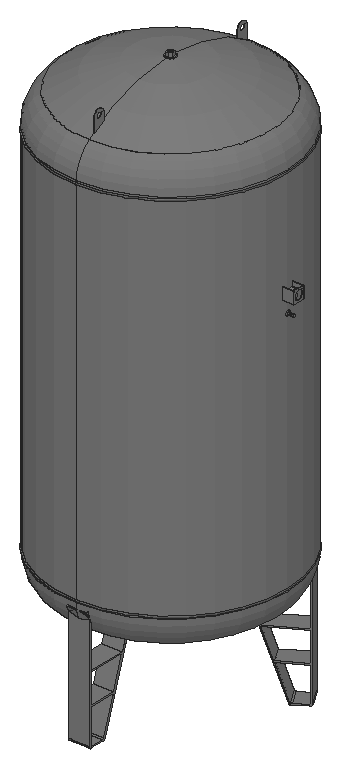
Revit family "MIT-5000-ET (Vertical)", category Specialty Equipment, Revit 2022
Family settings
  Round Connector Dimension = Use Diameter
  Part Type = Normal
  Work Plane-Based = No
  Always vertical = Yes
  Cut with Voids When Loaded = No
  Maintain Annotation Orientation = No
  Shared = No
  Room Calculation Point = No
Parameters
  URL = "https://en.ekinendustriyel.com/expansion-tanks"
  Test Pressure = 15.0 bar
  Production Standard = "TS EN 13831"
  Precharge Pressure = 4.0 bar
  Operating Pressure = 10.0 bar
  Model = "MIT-5000-ET_(Vertical)"
  Manufacturer = "Ekin Endüstriyel"
  Keynote = "Expension Tank"
  Description = "MIT-Expension Tank"
  Default Elevation = 0 mm
Reference planes
  plane 1 "Center (Front/Back)": y = 0
  plane 2: z = 0
  plane 3 "Center (Left/Right)": x = 0
Forms (mm)
  Revolve 1, solid, material "Ekin Endustriyel-S235JR", detail levels medium+fine
    sketch origin (0, -5374.015, 98.319) x (0, 1, 0) y (0, 0, 1)
      loop
        line (5374.015, 319.254) -> (5466.97, 319.254)
        arc (5466.97, 319.254) -> (5494.028, 327.937) -> (5516.946, 344.74) r 88.604
        arc (5516.946, 344.74) -> (5778.496, 409.027) -> (6018.966, 530.336) r 1193.216
        arc (6018.966, 530.336) -> (6096.091, 614.319) -> (6124.038, 724.865) r 232.61
        line (6124.038, 724.865) -> (6124.038, 733.527)
        arc (6124.038, 733.527) -> (6127.652, 739.16) -> (6124.038, 744.792) r 6.196
        line (6124.038, 744.792) -> (6124.038, 3125.579)
        arc (6124.038, 3125.579) -> (6127.692, 3131.214) -> (6124.015, 3136.834) r 6.153
        line (6124.015, 3136.834) -> (6124.015, 3146.085)
        arc (6124.015, 3146.085) -> (6096.919, 3254.39) -> (6022.016, 3337.177) r 230
        arc (6022.016, 3337.177) -> (5729.719, 3478.891) -> (5409.781, 3535.102) r 1174.284
        line (5409.781, 3535.102) -> (5374.015, 3535.102) -> (5374.015, 3530.102) -> (5409.693, 3530.102)
        arc (5409.693, 3530.102) -> (5728.223, 3474.12) -> (6019.233, 3333.022) r 1169.284
        arc (6019.233, 3333.022) -> (6092.508, 3252.036) -> (6119.015, 3146.085) r 225
        line (6119.015, 3146.085) -> (6119.038, 724.865)
        arc (6119.038, 724.865) -> (6091.692, 616.695) -> (6016.224, 534.517) r 227.61
        arc (6016.224, 534.517) -> (5775.939, 413.412) -> (5514.567, 349.477) r 1188.216
        arc (5514.567, 349.477) -> (5492.679, 332.869) -> (5466.59, 324.254) r 83.604
        line (5466.59, 324.254) -> (5374.015, 324.254) -> (5374.015, 319.254)
      axis (5374.015, 319.254) -> (5374.015, 3535.102)
    angle from 0 to 360
  Extrusion 2, solid, material "Ekin Endustriyel-S235JR", detail levels coarse
    sketch origin (11621.66, -11048.976, 122.286) x (0, 1, 0) y (-1, 0, 0)
      loop
        circle (11048.976, 11621.66) r 755
    from 327.12 to 3511.136
  Extrusion 3, solid, material "Ekin Endustriyel-S235JR", detail levels fine
    sketch origin (2829.671, -4386.055, 414.431) x (0, 1, 0) y (0, 0, 1)
      loop
        line (4994.047, 3046.351) -> (4994.047, 3132.073)
        arc (4994.047, 3132.073) -> (4959.047, 3167.073) -> (4924.047, 3132.073) r 35
        line (4924.047, 3132.073) -> (4924.047, 3085.878)
        arc (4924.047, 3085.878) -> (4959.461, 3066.847) -> (4994.047, 3046.351) r 959.948
      loop
        circle (4959.047, 3132.081) r 20
      loop
        arc (3778.063, 3046.351) -> (3812.649, 3066.847) -> (3848.063, 3085.878) r 959.948
        line (3848.063, 3085.878) -> (3848.063, 3132.073)
        arc (3848.063, 3132.073) -> (3813.063, 3167.073) -> (3778.063, 3132.073) r 35
        line (3778.063, 3132.073) -> (3778.063, 3046.351)
      loop
        circle (3813.063, 3132.081) r 20
    from -2832.171 to -2827.171
  Extrusion 4, solid, material "Ekin Endustriyel-S235JR", detail levels medium+fine
    sketch origin (2.097, -50.747, 0) x (-0.866025, 0.5, 0) y (0, 0, 1)
      loop
        line (757.19, 750) -> (774.095, 786.252) -> (766.844, 789.633) -> (749.19, 751.774) -> (749.19, 444) -> (492.769, 444) -> (458.073, 544.767)
        arc (458.073, 544.767) -> (455.03, 548.207) -> (450.446, 548.487) r 6
        line (450.446, 548.487) -> (420.189, 538.069) -> (422.794, 530.505) -> (445.486, 538.318)
        arc (445.486, 538.318) -> (450.07, 538.038) -> (453.113, 534.598) r 6
        line (453.113, 534.598) -> (633.707, 10.116)
        arc (633.707, 10.116) -> (639.179, 2.788) -> (647.889, 0) r 15
        line (647.889, 0) -> (742.19, 0)
        arc (742.19, 0) -> (752.797, 4.393) -> (757.19, 15) r 15
        line (757.19, 15) -> (757.19, 750)
      loop
        arc (742.19, 6) -> (748.554, 8.636) -> (751.19, 15) r 9
        line (751.19, 15) -> (751.19, 238) -> (561.586, 238) -> (639.38, 12.07)
        arc (639.38, 12.07) -> (642.663, 7.673) -> (647.889, 6) r 9
        line (647.889, 6) -> (742.19, 6)
      loop
        line (492.72, 438) -> (559.52, 244) -> (751.19, 244) -> (751.19, 438) -> (492.72, 438)
    from -22.1 to 107.9
  Extrusion 5, solid, material "Ekin Endustriyel-S235JR", detail levels medium+fine
    sketch origin (2.097, -50.747, 0) x (0, -1, 0) y (0, 0, 1)
      loop
        line (696.158, 786.252) -> (688.907, 789.633) -> (671.253, 751.774) -> (671.253, 444) -> (414.832, 444) -> (380.136, 544.767)
        arc (380.136, 544.767) -> (377.093, 548.207) -> (372.509, 548.487) r 6
        line (372.509, 548.487) -> (342.252, 538.069) -> (344.857, 530.505) -> (367.549, 538.318)
        arc (367.549, 538.318) -> (372.133, 538.038) -> (375.176, 534.598) r 6
        line (375.176, 534.598) -> (555.77, 10.116)
        arc (555.77, 10.116) -> (561.242, 2.788) -> (569.952, 0) r 15
        line (569.952, 0) -> (664.253, 0)
        arc (664.253, 0) -> (674.86, 4.393) -> (679.253, 15) r 15
        line (679.253, 15) -> (679.253, 750) -> (696.158, 786.252)
      loop
        arc (662.253, 6) -> (668.617, 8.636) -> (671.253, 15) r 9
        line (671.253, 15) -> (671.253, 238) -> (485.764, 238) -> (563.558, 12.07)
        arc (563.558, 12.07) -> (566.841, 7.673) -> (572.068, 6) r 9
        line (572.068, 6) -> (662.253, 6)
      loop
        line (416.898, 438) -> (483.698, 244) -> (671.253, 244) -> (671.253, 438) -> (416.898, 438)
    from -62.903 to 67.097
  Extrusion 6, solid, material "Ekin Endustriyel-S235JR", detail levels medium+fine
    sketch origin (2.097, -50.747, 0) x (0.866025, 0.5, 0) y (0, 0, 1)
      loop
        line (770.462, 786.252) -> (763.211, 789.633) -> (745.557, 751.774) -> (745.557, 444) -> (489.137, 444) -> (454.44, 544.767)
        arc (454.44, 544.767) -> (451.397, 548.207) -> (446.813, 548.487) r 6
        line (446.813, 548.487) -> (416.557, 538.069) -> (419.161, 530.505) -> (441.854, 538.318)
        arc (441.854, 538.318) -> (446.437, 538.038) -> (449.48, 534.598) r 6
        line (449.48, 534.598) -> (630.074, 10.116)
        arc (630.074, 10.116) -> (635.546, 2.788) -> (644.256, 0) r 15
        line (644.256, 0) -> (738.557, 0)
        arc (738.557, 0) -> (749.164, 4.393) -> (753.557, 15) r 15
        line (753.557, 15) -> (753.557, 750) -> (770.462, 786.252)
      loop
        arc (736.557, 6) -> (742.921, 8.636) -> (745.557, 15) r 9
        line (745.557, 15) -> (745.557, 238) -> (560.068, 238) -> (637.862, 12.07)
        arc (637.862, 12.07) -> (641.145, 7.673) -> (646.372, 6) r 9
        line (646.372, 6) -> (736.557, 6)
      loop
        line (558.002, 244) -> (745.557, 244) -> (745.557, 438) -> (491.203, 438) -> (558.002, 244)
    from -109.997 to 20.003
  Extrusion 7, solid, material "Ekin Endustriyel-S235JR", detail levels coarse
    sketch origin (2.097, -50.747, 0) x (-0.866025, 0.5, 0) y (0, 0, 1)
      loop
        line (757.19, 449.406) -> (482.447, 449.406) -> (633.707, 10.116)
        arc (633.707, 10.116) -> (639.179, 2.788) -> (647.889, 0) r 15
        line (647.889, 0) -> (742.19, 0)
        arc (742.19, 0) -> (752.797, 4.393) -> (757.19, 15) r 15
        line (757.19, 15) -> (757.19, 449.406)
    from -22.1 to 107.9
  Extrusion 8, solid, material "Ekin Endustriyel-S235JR", detail levels coarse
    sketch origin (2.097, -50.747, 0) x (0, -1, 0) y (0, 0, 1)
      loop
        line (679.253, 449.406) -> (404.51, 449.406) -> (555.77, 10.116)
        arc (555.77, 10.116) -> (561.242, 2.788) -> (569.952, 0) r 15
        line (569.952, 0) -> (664.253, 0)
        arc (664.253, 0) -> (674.86, 4.393) -> (679.253, 15) r 15
        line (679.253, 15) -> (679.253, 449.406)
    from -62.903 to 67.097
  Extrusion 9, solid, material "Ekin Endustriyel-S235JR", detail levels coarse
    sketch origin (2.097, -50.747, 0) x (0.866025, 0.5, 0) y (0, 0, 1)
      loop
        line (753.557, 449.406) -> (478.814, 449.406) -> (630.074, 10.116)
        arc (630.074, 10.116) -> (635.546, 2.788) -> (644.256, 0) r 15
        line (644.256, 0) -> (738.557, 0)
        arc (738.557, 0) -> (749.164, 4.393) -> (753.557, 15) r 15
        line (753.557, 15) -> (753.557, 449.406)
    from -109.997 to 20.003
  Extrusion 10, solid, material "Ekin Endustriyel-S235JR", detail levels coarse
    sketch origin (522.14, -0.358, 1745) x (1, 0, 0) y (0, 1, 0)
      loop
        line (226.508, -39.142) -> (298.922, -39.142) -> (298.922, 39.858) -> (226.683, 39.858)
        arc (226.683, 39.858) -> (229.034, 19.99) -> (229.819, 0) r 254.819
        arc (229.819, 0) -> (228.99, -19.641) -> (226.508, -39.142) r 233
    from 767.5 to 842.5
  Extrusion 11, solid, material "Ekin Endustriyel-S235JR", detail levels medium+fine
    sketch origin (522.14, -0.358, 1745) x (1, 0, 0) y (0, 1, 0)
      loop
        line (296.322, 39.858) -> (226.683, 39.858)
        arc (226.683, 39.858) -> (226.839, 38.858) -> (226.992, 37.858) r 254.819
        line (226.992, 37.858) -> (296.322, 37.858)
        arc (296.322, 37.858) -> (296.747, 37.682) -> (296.922, 37.258) r 0.6
        line (296.922, 37.258) -> (296.922, -36.542)
        arc (296.922, -36.542) -> (296.747, -36.967) -> (296.322, -37.142) r 0.6
        line (296.322, -37.142) -> (227.098, -37.142)
        arc (227.098, -37.142) -> (226.949, -38.143) -> (226.795, -39.142) r 254.819
        line (226.795, -39.142) -> (296.322, -39.142)
        arc (296.322, -39.142) -> (298.161, -38.381) -> (298.922, -36.542) r 2.6
        line (298.922, -36.542) -> (298.922, 37.258)
        arc (298.922, 37.258) -> (298.161, 39.096) -> (296.322, 39.858) r 2.6
    from 767.5 to 842.5
  Extrusion 12, void
    sketch origin (821.062, -36.9, 1745) x (0, 1, 0) y (0, 0, 1)
      loop
        circle (36.9, 805) r 32.5
    from -2 to 0
  Revolve 13, solid, material "Ekin Endustriyel-S235JR", detail levels fine
    sketch origin (522.14, -0.358, 1745) x (1, 0, 0) y (0, 0, 1)
      loop
        line (230, 811.5) -> (230, 805) -> (288.499, 805) -> (288.499, 837.415) -> (283.499, 837.415) -> (283.499, 835.016) -> (279.483, 835.016)
        arc (279.483, 835.016) -> (278.774, 834.723) -> (278.48, 834.013) r 1.003
        line (278.48, 834.013) -> (253.48, 834.013) -> (253.48, 815.002) -> (252.5, 815.002)
        arc (252.5, 815.002) -> (252.139, 814.657) -> (252, 814.178) r 0.964
        line (252, 814.178) -> (252, 812.305) -> (245, 812.305) -> (245, 811.5) -> (230, 811.5)
      axis (230, 805) -> (288.499, 805)
    angle from 0 to 360
  Revolve 14, solid, material "Ekin Endustriyel-S235JR", detail levels fine
    sketch origin (520.234, -0.358, 1617.504) x (1, 0, 0) y (0, 0, 1)
      loop
        line (229.96, 805) -> (275.561, 805)
        arc (275.561, 805) -> (274.758, 808.458) -> (272.513, 811.208) r 7.847
        line (272.513, 811.208) -> (261.504, 811.208) -> (261.504, 812.005) -> (260.479, 812.005) -> (260.479, 810.108) -> (259.639, 809.269) -> (258.962, 809.946) -> (258.285, 809.269) -> (257.608, 809.946) -> (256.931, 809.269) -> (256.254, 809.946) -> (255.577, 809.269) -> (254.899, 809.946) -> (254.222, 809.269) -> (253.545, 809.946) -> (252.868, 809.269) -> (252.191, 809.946) -> (251.514, 809.269) -> (250.837, 809.946) -> (250.16, 809.269) -> (249.483, 809.946) -> (248.806, 809.269) -> (248.128, 809.946) -> (247.451, 809.269) -> (246.774, 809.946) -> (246.097, 809.269) -> (245.42, 809.946) -> (244.743, 809.269) -> (244.066, 809.946) -> (243.389, 809.269) -> (242.712, 809.946) -> (242.035, 809.269) -> (241.357, 809.946) -> (240.68, 809.269) -> (240.003, 809.946) -> (239.326, 809.269) -> (238.649, 809.946) -> (237.972, 809.269) -> (237.295, 809.946) -> (236.618, 809.269) -> (235.941, 809.946) -> (235.264, 809.269) -> (234.586, 809.946) -> (233.909, 809.269) -> (233.232, 809.946) -> (232.555, 809.269) -> (232.001, 809.823) -> (232.001, 814.435) -> (232.001, 819.99) -> (229.96, 819.99) -> (229.96, 805)
      axis (229.96, 805) -> (275.561, 805)
    angle from 0 to 360
  Extrusion 15, solid, material "Ekin Endustriyel-S235JR", detail levels fine
    sketch origin (520.234, -0.358, 1699.3) x (0, 1, 0) y (0, 0, 1)
      loop
        line (0.348, 732.628) -> (-7.805, 727.921) -> (-7.805, 718.507) -> (0.348, 713.8) -> (8.5, 718.507) -> (8.5, 727.921) -> (0.348, 732.628)
    from 232.001 to 240.003
  Extrusion 16, solid, material "Ekin Endustriyel-S235JR", detail levels coarse
    sketch origin (-663.114, -426.277, 445.521) x (1, 0, 0) y (0, 1, 0)
      loop
        circle (663.114, 426.277) r 190
    from -23.5 to -13.542
  Revolve 17, solid, material "Ekin Endustriyel-S235JR", detail levels fine
    sketch origin (1884.269, 0.217, 381.043) x (1, 0, 0) y (0, 0, 1)
      loop
        line (-1925.269, -28.022) -> (-1923.269, -30.022) -> (-1920.624, -30.022) -> (-1921.182, -29.464) -> (-1919.272, -27.744) -> (-1921.157, -25.986) -> (-1919.272, -24.228) -> (-1921.182, -22.508) -> (-1919.272, -20.788) -> (-1921.157, -19.029) -> (-1919.272, -17.271) -> (-1921.182, -15.551) -> (-1919.272, -13.831) -> (-1921.157, -12.073) -> (-1919.272, -10.315) -> (-1921.182, -8.595) -> (-1919.272, -6.875) -> (-1921.157, -5.117) -> (-1919.272, -3.358) -> (-1921.182, -1.638) -> (-1919.272, 0.082) -> (-1921.157, 1.84) -> (-1919.272, 3.598) -> (-1921.182, 5.318) -> (-1919.272, 7.038) -> (-1921.157, 8.796) -> (-1919.272, 10.554) -> (-1921.182, 12.274) -> (-1919.272, 13.994) -> (-1921.157, 15.753) -> (-1919.272, 17.511) -> (-1921.182, 19.231) -> (-1919.272, 20.951) -> (-1921.157, 22.709) -> (-1919.272, 24.467) -> (-1921.182, 26.187) -> (-1919.272, 27.907) -> (-1921.157, 29.665) -> (-1919.272, 31.424) -> (-1921.182, 33.144) -> (-1912.481, 40.978) -> (-1925.269, 40.978) -> (-1925.269, -28.022)
      axis (-1884.269, 40.978) -> (-1884.269, -30.022)
    angle from 0 to 360
  Extrusion 18, solid, material "Ekin Endustriyel-S235JR", detail levels fine
    sketch origin (-672.202, -409.557, 451.671) x (1, 0, 0) y (0, 1, 0)
      loop
        circle (672.202, 587.206) r 7
      loop
        circle (672.202, 231.907) r 7
      loop
        circle (849.852, 409.557) r 7
      loop
        circle (494.553, 409.557) r 7
      loop
        circle (797.82, 535.174) r 7
      loop
        circle (546.585, 283.94) r 7
      loop
        circle (797.82, 283.94) r 7
      loop
        circle (546.585, 535.174) r 7
    from 0.262 to -29.241
  Extrusion 19, solid, material "Ekin Endustriyel-S235JR", detail levels medium
    sketch origin (1329.894, -1405.14, 351.118) x (0, 1, 0) y (1, 0, 0)
      loop
        circle (1405.14, -1329.894) r 41
      loop
        circle (1405.14, -1329.894) r 36.894
    from 0.097 to -70.903
  Extrusion 20, solid, material "Ekin Endustriyel-S235JR", detail levels coarse
    sketch origin (1330.207, -1405.14, 351.118) x (0, 1, 0) y (1, 0, 0)
      loop
        arc (1364.14, -1330.207) -> (1384.309, -1365.521) -> (1424.973, -1366.091) r 41
        arc (1424.973, -1366.091) -> (1425.971, -1294.893) -> (1364.14, -1330.207) r 41
    from -70.903 to 0.097
  Extrusion 21, solid, material "Ekin Endustriyel-S235JR", detail levels medium+fine
    sketch origin (-663.114, -1231.277, 486.566) x (0, 1, 0) y (1, 0, 0)
      loop
        circle (1231.277, 663.114) r 190
      loop
        circle (1408.926, 663.114) r 7
      loop
        circle (1053.627, 663.114) r 7
      loop
        circle (1231.277, 840.763) r 7
      loop
        circle (1231.277, 485.464) r 7
      loop
        circle (1356.894, 788.731) r 7
      loop
        circle (1105.66, 537.497) r 7
      loop
        circle (1105.66, 788.731) r 7
      loop
        circle (1356.894, 537.497) r 7
    from 46.54 to 41.54
  Extrusion 22, solid, material "Ekin Endustriyel-S235JR", detail levels medium+fine
    sketch origin (3869.838, -4745.781, 3636.241) x (0, 1, 0) y (-1, 0, 0)
      loop
        circle (4745.469, 3869.844) r 11
      loop
        line (4730.56, 3886.032) -> (4723.995, 3865.027) -> (4738.903, 3848.838) -> (4760.377, 3853.655) -> (4766.943, 3874.661) -> (4752.034, 3890.849) -> (4730.56, 3886.032)
    from 0.181 to 23
  Extrusion 23, solid, material "Ekin Endustriyel-S235JR", detail levels coarse
    sketch origin (3869.838, -4745.781, 3636.241) x (0, 1, 0) y (-1, 0, 0)
      loop
        line (4730.56, 3886.032) -> (4723.995, 3865.027) -> (4738.903, 3848.838) -> (4760.377, 3853.655) -> (4766.943, 3874.661) -> (4752.034, 3890.849) -> (4730.56, 3886.032)
    from -2.819 to 23
  Extrusion 24, solid, material "Ekin Endustriyel-S235JR", detail levels medium+fine
    sketch origin (3869.838, -4745.781, 3636.241) x (0, 1, 0) y (-1, 0, 0)
      loop
        circle (4745.827, 3869.844) r 32.5
    from -2.819 to 0.181
  Extrusion 25, solid, material "Ekin Endustriyel-S235JR", detail levels coarse
    sketch origin (-663.114, -426.277, 456.582) x (1, 0, 0) y (0, 1, 0)
      loop
        circle (663.114, 426.277) r 190
    from -16.556 to -11.556
  Extrusion 26, solid, material "Ekin Endustriyel-S235JR", detail levels medium+fine
    sketch origin (-663.114, -1231.277, 426.657) x (0, 1, 0) y (1, 0, 0)
      loop
        circle (1231.277, 663.114) r 190
      loop
        circle (1408.926, 663.114) r 7
      loop
        circle (1053.627, 663.114) r 7
      loop
        circle (1231.277, 840.763) r 7
      loop
        circle (1231.277, 485.464) r 7
      loop
        circle (1356.894, 788.731) r 7
      loop
        circle (1105.66, 537.497) r 7
      loop
        circle (1105.66, 788.731) r 7
      loop
        circle (1356.894, 537.497) r 7
    from -12.864 to -22.749
  Extrusion 27, solid, material "Ekin Endustriyel-S235JR", detail levels fine
    sketch origin (-456.831, -583.175, 489.163) x (-0.339703, 0.940533, 0) y (0.940533, 0.339703, 0)
      loop
        line (457.082, 474.836) -> (443.211, 470.842) -> (439.734, 456.833) -> (450.128, 446.817) -> (463.999, 450.81) -> (467.476, 464.82) -> (457.082, 474.836)
      loop
        line (344.637, 786.161) -> (346.232, 800.507) -> (334.605, 809.062) -> (321.384, 803.269) -> (319.789, 788.923) -> (331.416, 780.369) -> (344.637, 786.161)
      loop
        line (240.373, 563.996) -> (236.379, 577.867) -> (222.37, 581.345) -> (212.354, 570.951) -> (216.347, 557.08) -> (230.356, 553.602) -> (240.373, 563.996)
      loop
        line (551.698, 676.441) -> (566.044, 674.847) -> (574.598, 686.474) -> (568.806, 699.695) -> (554.46, 701.29) -> (545.906, 689.663) -> (551.698, 676.441)
      loop
        line (240.071, 690.817) -> (247.056, 703.449) -> (239.608, 715.814) -> (225.176, 715.547) -> (218.191, 702.915) -> (225.639, 690.55) -> (240.071, 690.817)
      loop
        line (539.722, 550.187) -> (548.739, 538.915) -> (563.009, 541.088) -> (568.262, 554.533) -> (559.245, 565.805) -> (544.975, 563.632) -> (539.722, 550.187)
      loop
        line (330.262, 474.534) -> (317.63, 481.519) -> (305.265, 474.071) -> (305.532, 459.639) -> (318.164, 452.654) -> (330.529, 460.102) -> (330.262, 474.534)
      loop
        line (470.891, 774.185) -> (482.163, 783.202) -> (479.991, 797.472) -> (466.546, 802.725) -> (455.274, 793.708) -> (457.447, 779.438) -> (470.891, 774.185)
    from 67.142 to 77.184
Cuts and joins
  Extrusion 12 cuts Extrusion 11
Dimensions and locks
  aligned and locked: level to plane 2
Connectors
  piping at (0, 0, 351.021), diameter 25.4
    settings: on Extrusion 19, index 3, connector inside diameter 609.6 mm, connector length 0 mm, flow factor 0, pipe flow 0.0 L/s, pressure drop 0.0 Pa, fitting loss kfactor 0, connector angle 0.00°, fixture units 0, engagement length 0 mm, angle of deflection 0.00°, flow configuration 0, flow direction 0, fitting loss method 0, system type 7, joint type 0, gender type 0, connector reference index -1, connector utility 0, adjustable connector no, is connector primary yes, connector description ""
